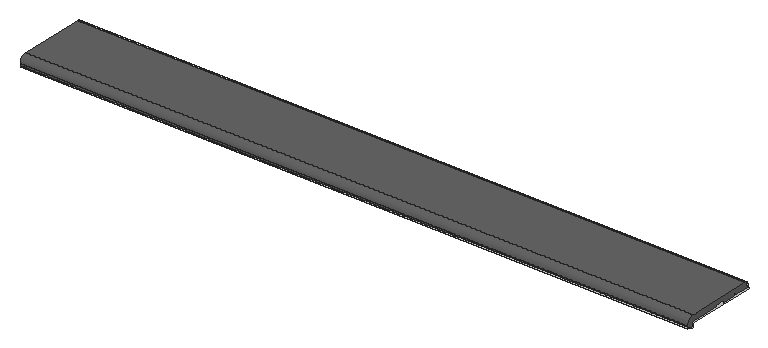
Revit family "Stair_Tread-Wooster-Spectra_Safety_Treads-WP4T", category Specialty Equipment, host Face, Revit 2017
Family settings
  Host = Face
  Round Connector Dimension = Use Diameter
  Part Type = Normal
  OmniClass Number = 23.30.70.21.11.11.11
  OmniClass Title = Stair Nosings
  Cut with Voids When Loaded = No
  Shared = No
  Room Calculation Point = No
Parameters (values of type "WP4T")
  Width [instance] = 0' - 4 1/16"  # constant formula
  Version = "2017 - v2.0a"  # constant formula
  URL = "http://www.wooster-products.com/"
  Support Phone = "(224) 699-9545"  # constant formula
  Support Email = "mailto:support@anguleris.com"
  Safety Tread [instance] = Filler - Wooster - Black - Abrasive Filler
  Product Page URL = "http://www.woosterproducts.com/products/extruded-aluminum/spectra/"
  Product Name = "Spectra Nosings"  # constant formula
  Product Documentation Link = "http://www.woosterproducts.com/spec/WP4T.pdf"
  Model = "WP4T"
  Material = ""
  Manufacturer Phone Number = "1-800-321-4936 or 330-264-2844"  # constant formula
  Manufacturer Fax Number = "330-262-4151"  # constant formula
  Manufacturer Email = "mailto:tim@wooster-products.com"
  Manufacturer Address = "1000 Spruce Street, P.O. BOX 6005, Wooster, OH. 44691"  # constant formula
  Manufacturer = "Wooster Productions Inc"  # constant formula
  Length Constraint [instance] = if(Length > 10' 0", 10' 0", Length)  # 3' - 0"
  Length [instance] = 3' - 0"
  Description = "Anti-Slip Stair Nosing"  # constant formula
  Depth = 0' - 0 3/8"  # constant formula
  Default Elevation = 0' - 0"  # constant formula
  Copyright = "Wooster Products Inc. 2019"  # constant formula
  Construction Type = "Existing Construction"  # constant formula
Values of the unnamed type that differ from the named types
  Support Email = ""
  Product Page URL = "http://www.wooster-products.com/Spectra_Safety_Treads.html"
  Product Documentation Link = "http://wooster-products.com/pub/Specs/WP4T.pdf"
  Manufacturer Email = ""
Reference planes (in)
  plane 1 "Center (Front/Back)": y = 0
  plane 2: z = 0
  plane 3 "Center (Left/Right)": x = 0
  plane 4 "Left": x = -18
  plane 5 "Right": x = 18
  plane 6 "Back": y = 2.03125
  plane 7 "Front": y = -2.03125
  plane 8 "Bottom": z = -0.35937
  plane 9: z = 0.01563
Forms (in)
  Sweep 1, solid, material "Filler - Wooster - Black - Abrasive Filler" <- "Safety Tread"
    path origin (0, 23.79979, 0.01563) x (0, 1, 0) y (-1, 0, 0)
      loop
        line (-21.76854, -18) -> (-21.76854, 18)
    profile "WP4T Abrasive Filler : WP4T Abrasive Filler" origin (0, 2.03125, 0.01562) x (0, -1, 0) y (0, 0, 1)
      loop
        line (4.065, -0.45755) -> (4.065, -0.375)
        arc (4.065, -0.375) -> (3.95516, -0.10983) -> (3.69, 0) r 0.375
        line (3.69, 0) -> (0.16344, 0) -> (0.08192, -0.30423) -> (0.89986, -0.30423) -> (0.87484, -0.21085) -> (0.99984, -0.21085) -> (0.97482, -0.30422) -> (1.68203, -0.30422) -> (1.65701, -0.21085) -> (2.21801, -0.21085) -> (2.19299, -0.30421) -> (2.93098, -0.30421) -> (2.90597, -0.21085) -> (3.03097, -0.21085) -> (3.00595, -0.30424) -> (3.61957, -0.30424)
        arc (3.61957, -0.30424) -> (3.68124, -0.31418) -> (3.73665, -0.343) r 0.1962
        line (3.73665, -0.343) -> (3.74652, -0.30617) -> (3.81299, -0.37263) -> (3.77617, -0.3825)
        arc (3.77617, -0.3825) -> (3.80868, -0.45011) -> (3.81326, -0.525) r 0.195
        line (3.81326, -0.525) -> (4.065, -0.45755)
  Sweep 2, solid, material "Metal - Wooster - Extruded Aluminum"
    path origin (0, 23.79979, 0.01563) x (0, 1, 0) y (-1, 0, 0)
      loop
        line (-21.76854, -18) -> (-21.76854, 18)
    profile "WP4T Aluminum Base : WP4T Aluminum Base" origin (0, 2.03125, 0.01562) x (0, -1, 0) y (0, 0, 1)
      loop
        line (0.10044, 0) -> (0, -0.37485) -> (3.62, -0.37485)
        arc (3.62, -0.37485) -> (3.70838, -0.41147) -> (3.745, -0.49985) r 0.125
        line (3.745, -0.49985) -> (3.745, -0.61329) -> (4.065, -0.52755) -> (4.065, -0.45755) -> (3.81326, -0.525)
        arc (3.81326, -0.525) -> (3.80868, -0.45011) -> (3.77617, -0.3825) r 0.195
        line (3.77617, -0.3825) -> (3.81299, -0.37263) -> (3.74652, -0.30617) -> (3.73665, -0.343)
        arc (3.73665, -0.343) -> (3.68124, -0.31418) -> (3.61957, -0.30424) r 0.1962
        line (3.61957, -0.30424) -> (3.00595, -0.30424) -> (3.03097, -0.21085) -> (2.90597, -0.21085) -> (2.93098, -0.30421) -> (2.19299, -0.30421) -> (2.21801, -0.21085) -> (1.65701, -0.21085) -> (1.68203, -0.30422) -> (0.97482, -0.30422) -> (0.99984, -0.21085) -> (0.87484, -0.21085) -> (0.89986, -0.30423) -> (0.08192, -0.30423) -> (0.16344, 0) -> (0.10044, 0)
  Sweep 3, void
    path origin (0, 23.79979, 0.01563) x (0, 1, 0) y (-1, 0, 0)
      loop
        line (-21.76854, 18) -> (-21.76854, -18)
    profile "WP4T Void : WP4T Void" origin (0, 2.03125, 0.01562) x (0, 1, 0) y (0, 0, 1)
      loop
        line (-0.10044, 0) -> (-4.065, 0) -> (-4.065, -0.52755) -> (-3.745, -0.61329) -> (-3.745, -0.49985)
        arc (-3.745, -0.49985) -> (-3.70838, -0.41147) -> (-3.62, -0.37485) r 0.125
        line (-3.62, -0.37485) -> (0, -0.37485) -> (-0.10044, 0)
Lines and regions (in)
  Masking region 1
    outline origin (0, 0, 0) x (1, 0, 0) y (0, 1, 0)
      loop
        line (-18, 2.03125) -> (-18, -2.03125) -> (18, -2.03125) -> (18, 2.03125) -> (-18, 2.03125)
Dimensions and locks (in)
  equal spacing: plane 4 "Left", plane 3 "Center (Left/Right)", plane 5 "Right"
  "Length Constraint": plane 4 "Left" to plane 5 "Right"
  equal spacing: plane 7 "Front", plane 1 "Center (Front/Back)", plane 6 "Back"
  "Width": plane 7 "Front" to plane 6 "Back"
  "Depth": plane 9 to plane 8 "Bottom"
  locked: plane 2 to plane 8 "Bottom" at 0.35937
  aligned and locked: plane 2 to host face
  aligned and locked: level to host face
  aligned and locked: plane 6 "Back" to Sweep 1 sketch curve
  aligned and locked: plane 5 "Right" to Sweep 1 sketch curve
  aligned and locked: plane 4 "Left" to Sweep 1 sketch curve
  aligned and locked: plane 6 "Back" to Sweep 2 sketch curve
  aligned and locked: plane 4 "Left" to Sweep 2 sketch curve
  aligned and locked: plane 5 "Right" to Sweep 2 sketch curve
  aligned and locked: Sweep 3 sketch curve to plane 6 "Back"
  aligned and locked: plane 4 "Left" to Sweep 3 sketch curve
  aligned and locked: plane 5 "Right" to Sweep 3 sketch curve
  aligned and locked: Masking region 1 sketch curve to plane 6 "Back"
  aligned and locked: plane 4 "Left" to Masking region 1 sketch curve
  aligned and locked: Masking region 1 sketch curve to plane 7 "Front"
  aligned and locked: plane 5 "Right" to Masking region 1 sketch curve
Automatic sketch dimensions
  host sketch curve to host sketch curve = 8' - 0"
  host sketch curve to host sketch curve = 4' - 0"
